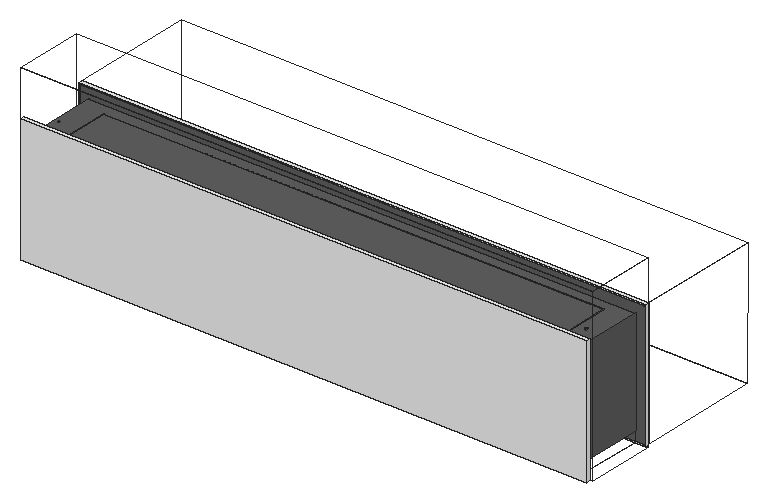
Revit family "AIRTECNICS_AIR CURTAIN_ZEN_DX-VRF_(HITACHI)123", category Mechanical Equipment, Revit 2016
Family settings
  Part Type = Normal
  Round Connector Dimension = Use Diameter
  OmniClass Number = 23.75.70.21.17
  OmniClass Title = Air Curtains
  Work Plane-Based = No
  Always vertical = Yes
  Cut with Voids When Loaded = No
  Shared = No
  Room Calculation Point = No
Parameters (values of type "ZEN ECG 2000 DX/VRF-HI")
  · POSITION · [instance] = "-/ Select Curtain Position /-"  # constant formula
  · PIPES POSITION · [instance] = "-/ Select Pipes Position /-"  # constant formula
  · OTHERS · [instance] = "-/ Select Supports - Inst.Maint. Space /-"  # constant formula
  · HEATING · [instance] = "-/ Select Heating /-"  # constant formula
  · EXTERNAL UNIT · [instance] = "-/ Select External Unit Type /-"  # constant formula
  · COIL ROWS · [instance] = "-/ Select DX Coil Rows /-"  # constant formula
  Weight [instance] = size_lookup(Name_Lookup_Data, "Weight", 1.00 kg, COD)  # 78.00 kg
  Voltage = 230 V  # constant formula
  URL_Manufacturer = "https://www.airtecnics.com/"
  URL_Datasheet = "https://www.airtecnics.com/download/file/5869/zen-dx-hitachi-1-1-and-vrf.pdf"
  Triple Phase (External Ut.) [instance] = yes
  Supports Length [instance] = 0.0 mm
  Supports (Horizontal) [instance] = if(and(Horizontal, Supports Length > 0.0 mm), 1 = 1, 1 = 0)  # no
  Single Phase (External Ut.) [instance] = not([Triple Phase (External Ut.)])  # no
  Revit Version = "Revit 2016 - English"  # constant formula
  Review Date = "10/2018"  # constant formula
  Remote Control = "-"  # constant formula
  URL = "https://www.airtecnics.com/products/heat-pump-air-curtain-zen-dx-for-hitachi"
  Refrigerant Pipes_P4 [instance] = no
  Refrigerant Pipes_P3 [instance] = no
  Refrigerant Pipes_P2 [instance] = if(or(Refrigerant Pipes_P1, Refrigerant Pipes_P3, Refrigerant Pipes_P4), 1 = 0, 1 = 1)  # yes
  Refrigerant Pipes_P1 [instance] = no
  REF [instance] = if(DX 1:1, 1, 0) + if(L = 1000.0 mm, 10, 0) + if(L = 1500.0 mm, 20, 0) + if(L = 2000.0 mm, 40, 0) + if(L = 2500.0 mm, 80, 0) + if([DX Coil Rows = 3], 100, 0) + if([Triple Phase (External Ut.)], 1000, 0)  # 1041
  Product Size = if(L = 1000.0 mm, "1000", if(L = 1500.0 mm, "1500", if(L = 2000.0 mm, "2000", "2500")))  # "2000"
  Product Reference [instance] = size_lookup(Name_Lookup_Ref, "", "Consult Manufacturer", COD)  # "ZEN ECG 2000 DX22-HI"
  Product Heating [instance] = if(DX 1:1, "Direct Expansion 1:1 system", "Direct Expansion VRF system")  # "Direct Expansion 1:1 system"
  Product Description [instance] = size_lookup(Name_Lookup_Data, "", "Consult Manufacturer", COD)  # "Decorative energy saving heat pump air curtain in contemporary architectural style: Up to 70% reduction in costs and CO2 emissions (heating mode).\r\nIts minimalist and smart design integrates in any environment and offers infinite options to customize.\r\nThe panels can include logos, lighting, signage, safety or information signs, graphics, pictures, clocks, all according to customer specifications.\r\nFront anodized aluminium panels. Optionally manufactured in brushed or mirror polished stainless steel. Other materials are possible, such as galvanized steel, smooth or texturated skinplate, wood, etc.\r\nCentral structure made of galvanized steel finished in black forge as standard. Other colours are available on request. \r\nAnodized aluminium outlet vanes, airfoil shaped, adjustable in both directions.\r\nDouble-inlet centrifugal fans driven by an external rotor motor and low noise level. 5-speed selector. EC models assembled with very low consumption efficiency fans. \r\nIncludes only heating direct expansion coil with installed temperature sensors.\r\nPlug&Play control panel CS-5DX-NE slave DX with 5 speeds selector and 7m telephone cable included.\r\nReady to connect to HITACHI Inverter outdoor heat pump unit (R410A), not included, the customer should purchase it.\r\nRequires EXV-8.0E2 HITACHI DX Interface KIT adapted for air curtain with expansion valve and  PC-ART programmable control, please consult. The client should send the complete DX kit to Airtècnics in order to adapt it and install the temperature sensors.\r\nAir Volume: 4380 m3/h \r\nFans:  0,426 kW  3,72 A 230Vx1 50/60Hz\r\nHeating capacity: 22,40 kW\r\nDimensions: 291x473x2120 mm (depth, height, length)\r\nNOT SUPPLIED BY AIRTÈCNICS:\r\nEXV-8.0E2 Interface DX kit with direct expansion valve and PC-ART programmable control.\r\nExternal unit:\r\n RAS-8HNCEExternal unit with direct expansion valve Hitachi, triple phase motor 400Vx3 50Hz.\r\nHeating capacity 22,4kW. Heating power: 5,28kW. COP 4,24.\r\nCooling capacity 20kW. Cooling power 5,95kW. EER 3,36.\r\nCooling circuits 1\" - 3/8\".\r\nMaximum length 100m.\r\nDesnivell màxim 30m."
  Power Fans Factor [instance] = 0.5  # constant formula
  Power Fans [instance] = size_lookup(Name_Lookup_Data, "Power Fans", 1 kW, COD)  # 0.426 kW
  Noise Level (dB(A)) [instance] = size_lookup(Name_Lookup_Data, "Noise Level (dB(A))", 1, COD)  # 63
  Name_Lookup_Ref_EU = "ZEN_(DX HI)_Ref-EU_Lookup"  # constant formula
  Name_Lookup_Ref = "ZEN_(DX HI)_Ref_Lookup"  # constant formula
  Name_Lookup_Data = "ZEN_(DX HI)_Data_Lookup"  # constant formula
  Model = "Air Curtain ZEN DX/VRF HI"  # constant formula
  Material Panels [instance] = AIRTECNICS_Alumium Anodized
  Material Grille = AIRTECNICS_Perforated_Black Forge
  Material Curtain [instance] = AIRTECNICS_Black Forge
  Mainfolds [instance] = if(and(L = 2500.0 mm, DX 1:1, [DX Coil Rows = 3]), "1'' & 3/8''", if(L = 2500.0 mm, "1'' & 1/2''", if(L = 2000.0 mm, "1'' & 3/8''", "5/8'' & 3/8''")))  # "1'' & 3/8''"
  Length = if(L = 1000.0 mm, 1220.0 mm, if(L = 1500.0 mm, 1620.0 mm, if(L = 2000.0 mm, 2120.0 mm, 2620.0 mm)))  # 2120.0 mm
  Height = 473.0 mm  # constant formula
  Gas Coil Volume [instance] = size_lookup(Name_Lookup_Data, "Gas Coil Volume", 1.00 L, COD)  # 4.10 L
  G = 1 = 1  # yes
  Frequency = 50 Hz  # constant formula
  Fans Stage = 5  # constant formula
  Family Version = "1.0"  # constant formula
  External Ut. Reference [instance] = size_lookup(Name_Lookup_Ref_EU, "", "Consult Manufacturer", REF)  # "RAS-8HNCE"
  Expansion Valve [instance] = "Included on DX Kit"  # constant formula
  EC = 1 = 1  # yes
  Dn_Metric_Refrig_Liquid [instance] = if(and(L = 2500 mm, DX 1:1, [DX Coil Rows = 3]), 10 mm, if(L = 2500 mm, 15 mm, if(L = 2000 mm, 10 mm, 10 mm)))  # 10 mm
  Dn_Metric_Refrig_Gas [instance] = if(and(L = 2500 mm, DX 1:1, [DX Coil Rows = 3]), 25 mm, if(L = 2500 mm, 25 mm, if(L = 2000 mm, 25 mm, 16 mm)))  # 25 mm
  Depth = 291.0 mm  # constant formula
  DX VRF [instance] = no
  DX Kit [instance] = if(or(COD = 80, COD = 180, COD = 81), "EXV-10.0E2", if(or(COD = 181, COD = 40, COD = 140, COD = 41), "EXV-8.0E2", if(or(COD = 20, COD = 21), "EXV-6.0E2", if(or(COD = 120, COD = 121), "EXV-5.0E2", if(COD = 10, "EXV-4.0E2", if(COD = 111, "EXV-3.0E2", "Consult Manufacturer"))))))  # "EXV-8.0E2"
  DX Controller [instance] = "PC-ART"  # constant formula
  DX Coil Rows = 4 [instance] = yes
  DX Coil Rows = 3 [instance] = if([DX Coil Rows = 4], 1 = 0, 1 = 1)  # no
  DX 1:1 [instance] = not(DX VRF)  # yes
  Current Fans [instance] = size_lookup(Name_Lookup_Data, "Current Fans", 1 A, COD)  # 3.72 A
  Created by = "BIMETRICAL"  # constant formula
  Control [instance] = "CS-5DX-NE"  # constant formula
  Capacity_Frig_Liquid [instance] = 0.0 L/s
  Capacity_Frig_Gas [instance] = 0.0 L/s
  Cable = "CB7"  # constant formula
  COD [instance] = if(DX 1:1, 1, 0) + if(L = 1000.0 mm, 10, 0) + if(L = 1500.0 mm, 20, 0) + if(L = 2000.0 mm, 40, 0) + if(L = 2500.0 mm, 80, 0) + if([DX Coil Rows = 3], 100, 0)  # 41
  Aspiration/Maintenance Space [instance] = yes
  Apparent Load [instance] = size_lookup(Name_Lookup_Data, "Apparent Load", 1 VA, COD)  # 852 VA
  Airflow [instance] = size_lookup(Name_Lookup_Data, "Airflow", 1 m³/h, COD)  # 4380 m³/h
  A [instance] = if(Horizontal, 236.5 mm, 0.0 mm)  # 236.5 mm
  L = 2000.0 mm
  Type Image = <None>
  IfcExportType = "DXCOOLINGCOIL"  # constant formula
  IfcExportAs = "IfcCoilType"  # constant formula
  Horizontal [instance] = 1 = 1  # yes
  Manufacturer = "AIRTECNICS"  # constant formula
  Description = ""
  Type Comments = "Decorative air curtain in contemporary architectural style. Its minimalist and smart design integrates in any environment and offers infinite options to customize.\r\nThe panels can include logos, lighting, signage, safety or information signs, graphics, pictures, clocks, all according to customer specifications.\r\nFront anodized aluminium panels. Optionally manufactured in brushed or mirror polished stainless steel. Other materials are possible, such as galvanized steel, smooth or texturated skinplate, wood, etc.\r\nCentral structure made of galvanized steel finished in black forge as standard. Other colours are available on request.\r\nAnodized aluminium outlet vanes, airfoil shaped, adjustable in both directions.\r\nDouble-inlet centrifugal fans driven by an external rotor motor and low noise level. 5-speed selector. EC models assembled with very low consumption efficiency fans.\r\n“P” type with water heated coil. “E” type with electrical shielded elements, three stages with integrated regulation. “A” type without heating, air only. Optional expansion DX coil.\r\nIncludes Plug&Play control with 7m RJ45 cable and infrared remote control. Optional: Clever control (programmable, automatic, intelligent, energy saving, Modbus RTU for BMS…)"  # constant formula
  BIMETRICAL Category = "Coil"  # constant formula
  BIMETRICAL = "http://www.bimetrical.com"  # constant formula
  Angle [instance] = if(Horizontal, 0.00°, 90.00°)  # 0.00°
Reference planes
  plane 1 "Centro (Frontal/Posterior)": z = 0
  plane 2: y = 246.57
  plane 3 "Centro (Izquierda/Derecha)": x = 0
  plane 4 "Susp": z = 236.5
Lines and regions (mm)
  reference lines
    curve 1: line (0, 246.57, 236.5) -> (-145, 246.57, 236.5)
Dimensions and locks
  locked: plane 2 to nested 1 at 145.5
  "A": plane 4 "Susp" to plane 1 "Centro (Frontal/Posterior)"
  "Angle": angle plane 4 "Susp" to curve 1
  aligned and locked: plane 3 "Centro (Izquierda/Derecha)" to curve 1
  aligned and locked: plane 4 "Susp" to curve 1
Nested families
  nested 1: "GEOM_ZEN_(DX)" at (0, 246.57, 236.5) x (0, 0, -1) z (1, 0, 0), type "GEOM_ZEN_(P)"
    with M 2066.5 mm, J 1014.0 mm, G 1022.0 mm, Dn_Metric_Refrig_Liquid 10 mm, Dn_Metric_Refrig_Gas 25 mm, COD 424, L 2000.0 mm, I 2044.0 mm, F 1990.0 mm, E 2120.0 mm, A 2015.0 mm
Connectors
  electrical at (-1007.5, 215.07, 433), driven by "Apparent Load", driven by "Voltage", driven by "Power Fans Factor", driven by "Apparent Load"
    settings: on nested 1, index 3, voltage 230 V, apparent load 852 VA, apparent load phase1 852 VA, apparent load phase2 0 VA, apparent load phase3 0 VA, power factor 0.5, load classification "HVAC", number of poles 1, system type 30, power factor state 1, is connector primary yes, connector utility no, sub classification motor no, connector description ""
  piping at (967, 155.07, 433), diameter 25, driven by "Dn_Metric_Refrig_Gas", driven by "Capacity_Frig_Gas"
    settings: on nested 1, index 4, connector inside diameter 609.6 mm, connector length 0.0 mm, flow factor 0, pipe flow 0.0 L/s, pressure drop 0.0 Pa, fitting loss kfactor 0, connector angle 0.00°, fixture units 0, engagement length 0.0 mm, angle of deflection 0.00°, flow configuration 1, flow direction 1, fitting loss method 0, system type 7, joint type 0, gender type 0, connector reference index -1, connector utility 0, adjustable connector no, is connector primary yes, connector description "In"
  piping at (967, 215.07, 433), diameter 10, driven by "Dn_Metric_Refrig_Liquid", driven by "Capacity_Frig_Liquid"
    settings: on nested 1, index 5, connector inside diameter 609.6 mm, connector length 0.0 mm, flow factor 0, pipe flow 0.0 L/s, pressure drop 0.0 Pa, fitting loss kfactor 0, connector angle 0.00°, fixture units 0, engagement length 0.0 mm, angle of deflection 0.00°, flow configuration 1, flow direction 2, fitting loss method 0, system type 8, joint type 0, gender type 0, connector reference index -1, connector utility 0, adjustable connector no, is connector primary no, connector description "Out"
Definition of nested family "GEOM_ZEN_(DX)"
  Parameters (values of type "GEOM_ZEN_(DX)")
    des.D = if(or(and(Vertical Right, V1), Horizontal), 361.0 mm, 0.0 mm)  # 361.0 mm
    des.C = if(or(and(Vertical Right, V1), Horizontal), 0.0 mm, 392.0 mm)  # 0.0 mm
    des.B = if(or(and(Vertical Right, V1), Horizontal), 0.0 mm, 298.3 mm)  # 0.0 mm
    Z = if(Horizontal, 0.0 mm, if(L = 1000.0 mm, E / 2 + 18.0 mm, E / 2 + 20.0 mm))  # 830.0 mm
    Vsup1 = if(and(Vsup, Horizontal, L_Sup > 0.0 mm), 1 = 1, 1 = 0)  # no
    Vsup = no
    Vs2 = if(L > 2000.0 mm, 1 = 1, 1 = 0)  # no
    Vs1 = if(L > 1000.0 mm, 1 = 1, 1 = 0)  # yes
    Vinst2 = if(or(Vinst1, not([Aspiration/Maintenance Space])), 1 = 0, 1 = 1)  # yes
    Vinst1 = if(and([Aspiration/Maintenance Space], V2), 1 = 1, 1 = 0)  # no
    Vertical Right = yes
    Vertical Left = if(Vertical Right, 1 = 0, 1 = 1)  # no
    Vertical = if(and(not(Horizontal), or(Vertical Right, Vertical Left)), 1 = 1, 1 = 0)  # yes
    V2 = if(Horizontal, 1 = 0, if(or(Horizontal, Vertical Left), 1 = 1, 1 = 0))  # no
    V1 = if(Horizontal, 1 = 1, if(and(Vertical Right, Vertical), 1 = 1, 1 = 0))  # yes
    Revit Version = "Revit 2016 - English"  # constant formula
    Review Date = "10/18"  # constant formula
    Refrigerant Pipes_P4 = no
    Refrigerant Pipes_P3 = no
    Refrigerant Pipes_P2 = yes
    Refrigerant Pipes_P1 = no
    O = if(L = 1000.0 mm, 54.5 mm, 52.5 mm)  # 52.5 mm
    Model = "ZEN DX"  # constant formula
    Material Perforated = none
    Material Panels = none
    Material Curtain = none
    Family Version = "2.0"  # constant formula
    Manufacturer = "AIRTECNICS"  # constant formula
    M = if(L = 1000.0 mm, L + 162.5 mm, L + 66.5 mm)  # 1566.5 mm
    Lookup_Dimensions.C2_Name = "C2_Dimensions_Lookup"  # constant formula
    Lookup_Dimensions.C1_Name = "C1_Dimensions_Lookup"  # constant formula
    L_Sup = 0.0 mm
    K = if(L = 2500.0 mm, 833.0 mm, 0.0 mm)  # 0.0 mm
    J = if(L = 1500.0 mm, 764.0 mm, if(L = 2000.0 mm, 1014.0 mm, if(L = 2500.0 mm, 847.0 mm, 573.5 mm)))  # 764.0 mm
    H = des.A + 51.0 mm  # 428.5 mm
    G = if(Vertical, I + 58.0 mm, F / 2 + 27.0 mm)  # 1602.0 mm
    Dn_Metric_Refrig_Liquid = 20 mm
    Dn_Metric_Refrig_Gas = 20 mm
    Created by = "BIMETRICAL"  # constant formula
    COD = if(and(Vertical Right, Vertical), 1, 0) + if(and(Vertical Left, Vertical), 2, 0) + if(Horizontal, 4, 0) + if(Refrigerant Pipes_P1, 10, 0) + if(Refrigerant Pipes_P2, 20, 0) + if(Refrigerant Pipes_P3, 40, 0) + if(Refrigerant Pipes_P4, 80, 0) + if(L = 1000.0 mm, 100, 0) + if(L = 1500.0 mm, 200, 0) + if(L = 2000.0 mm, 400, 0) + if(L = 2500.0 mm, 800, 0)  # 221
    C2_D = size_lookup(Lookup_Dimensions.C2_Name, "C2_D", 98.0 mm, COD)  # 98.0 mm
    C2_C = size_lookup(Lookup_Dimensions.C2_Name, "C2_C", 34.5 mm, COD)  # 34.5 mm
    C2_B = size_lookup(Lookup_Dimensions.C2_Name, "C2_B", 34.5 mm, COD)  # 34.5 mm
    C2_A = size_lookup(Lookup_Dimensions.C2_Name, "C2_A", 55.0 mm, COD)  # 55.0 mm
    C1_D = size_lookup(Lookup_Dimensions.C1_Name, "C1_D", 38.0 mm, COD)  # 38.0 mm
    C1_C = size_lookup(Lookup_Dimensions.C1_Name, "C1_C", 34.5 mm, COD)  # 34.5 mm
    C1_B = size_lookup(Lookup_Dimensions.C1_Name, "C1_B", 34.5 mm, COD)  # 34.5 mm
    C1_A = size_lookup(Lookup_Dimensions.C1_Name, "C1_A", 55.0 mm, COD)  # 55.0 mm
    L = 1500.0 mm
    des.A = if(or(and(Vertical Right, V1), Horizontal), 377.5 mm, 0.0 mm)  # 377.5 mm
    I = if(L = 1000.0 mm, L + 140.0 mm, L + 44.0 mm)  # 1544.0 mm
    Horizontal = no
    F = I - 54.0 mm  # 1490.0 mm
    E = if(L = 1000.0 mm, L + 220.0 mm, L + 120.0 mm)  # 1620.0 mm
    Default Elevation = 1219.2 mm
    BIMETRICAL = "http://www.bimetrical.com/"  # constant formula
    Aspiration/Maintenance Space = yes
    A.Conn_S = if(or(and(Vertical Right, V1), Horizontal), 180.00°, 0.00°)  # 180.00°
    A.Conn_E = if(or(and(Vertical Right, V1), Horizontal), 180.00°, 0.00°)  # 180.00°
    A.Conn_2 = size_lookup(Lookup_Dimensions.C2_Name, "A.Conn_2", 0.00°, COD)  # 0.00°
    A.Conn_1 = size_lookup(Lookup_Dimensions.C1_Name, "A.Conn_1", 0.00°, COD)  # 0.00°
    A = if(L = 1000.0 mm, L + 115.0 mm, L + 15.0 mm)  # 1515.0 mm
  Types (2, lengths in mm): name | Z | Vertical Right | Vertical Left | Vertical | G | COD | Horizontal
    GEOM_ZEN_(DX) | 830.0 | yes | no | yes | 1602.0 | 221 | no
    GEOM_ZEN_(P) | 0.0 | no | yes | no | 772.0 | 224 | yes
  Reference planes
    plane 1 "Centro (Frontal/Posterior)": y = 0
    plane 2: z = 0
    plane 3 "Centro (Izquierda/Derecha)": x = 0
    plane 4: z = 830
    plane 5: y = -73.25
    plane 6: x = -196.5
    plane 7: z = 1547
    plane 8 "TUBERIA 1": y = -91.5
    plane 9: z = 1602
    plane 10 "TUBERIA 2": x = -162
    plane 11: x = -196.5
    plane 12: y = -129.5
    plane 13: x = 181
    plane 14: x = 196.495
    plane 15: x = -162
    plane 16: z = 1547
    plane 17: y = -31.5
    plane 18: z = 2639.027
    plane 19: z = 20
    plane 20: z = 1639
    plane 21: z = 838
    plane 22: z = 838
    plane 23: z = 72.5
    plane 24: y = -31.5
    plane 25: y = -91.5
  Forms (mm)
    Extrusion 1, solid
      sketch origin (0, 0, 0) x (1, 0, 0) y (0, 1, 0)
        loop
          line (-1219.2, 1219.2) -> (-1219.2, -1219.2) -> (1219.2, -1219.2) -> (1219.2, 1219.2) -> (-1219.2, 1219.2)
      from 0 to -304.8
    Extrusion 2, solid, material <- "Material Panels"
      sketch origin (0, 0, 889.252) x (0, -1, 0) y (1, 0, 0)
        loop
          line (-145.5, 236.5) -> (-145.5, -236.5) -> (-129.5, -236.5) -> (-129.5, 236.5) -> (-145.5, 236.5)
        loop
          line (145.5, 236.5) -> (129.5, 236.5) -> (129.5, -236.5) -> (145.5, -236.5) -> (145.5, 236.5)
      from -869.252 to 750.748
    Extrusion 3, solid, material <- "Material Curtain"
      sketch origin (0, 0, 889.252) x (0, -1, 0) y (0, 0, 1)
        loop
          line (-129.5, 712.748) -> (-129.5, -831.252) -> (129.5, -831.252) -> (129.5, 712.748) -> (-129.5, 712.748)
      from -196.5 to 196.5
    Extrusion 4, void, detail levels medium+fine
      sketch origin (-64.7, -73.5, 0) x (1, 0, 0) y (0, 1, 0)
        loop
          line (261.195, -34.75) -> (261.195, 35.25) -> (245.7, 35.25) -> (245.7, -34.75) -> (261.195, -34.75)
      from 85 to 1575
    Extrusion 5, solid, visible <- "V1", detail levels medium+fine
      sketch origin (0, 0, 1310) x (0, -1, 0) y (-1, 0, 0)
        loop
          line (58.464, -173.27) -> (61.756, -192)
          arc (61.756, -192) -> (63.451, -193.452) -> (65.121, -191.97) r 1.698
          line (65.121, -191.97) -> (68.095, -172.627)
          arc (68.095, -172.627) -> (62.951, -168.018) -> (58.464, -173.27) r 4.828
        loop
          line (78.553, -172.822) -> (81.504, -192.726)
          arc (81.504, -192.726) -> (83.138, -193.439) -> (84.08, -191.926) r 1.363
          line (84.08, -191.926) -> (87.529, -172.626)
          arc (87.529, -172.626) -> (82.938, -168.001) -> (78.553, -172.822) r 4.495
      from -265 to 1225
    Extrusion 6, solid, visible <- "V2", detail levels medium+fine
      sketch origin (0, 0, 1310) x (0, 1, 0) y (1, 0, 0)
        loop
          arc (-58.774, -173.603) -> (-59.776, -170.312) -> (-62.811, -168.693) r 4.495
          line (-62.811, -168.693) -> (-63.684, -168.693)
          arc (-63.684, -168.693) -> (-66.482, -170.045) -> (-67.734, -172.889) r 4.495
          line (-67.734, -172.889) -> (-64.759, -192.231)
          arc (-64.759, -192.231) -> (-63.451, -193.452) -> (-62.062, -192.325) r 1.363
          line (-62.062, -192.325) -> (-58.774, -173.603)
        loop
          arc (-84.395, -192.262) -> (-83.058, -193.451) -> (-81.696, -192.291) r 1.363
          line (-81.696, -192.291) -> (-78.88, -173.603)
          arc (-78.88, -173.603) -> (-79.882, -170.312) -> (-82.917, -168.693) r 4.495
          line (-82.917, -168.693) -> (-83.79, -168.693)
          arc (-83.79, -168.693) -> (-86.614, -170.073) -> (-87.844, -172.966) r 4.495
          line (-87.844, -172.966) -> (-84.395, -192.262)
      from -265 to 1225
    Extrusion 7, solid, material <- "Material Curtain", visible <- "Vertical"
      sketch origin (-779.074, -4572, 1549) x (-1, 0, 0) y (0, -1, 0)
        loop
          line (-586.574, -4698.5) -> (-586.574, -4445.5) -> (-971.574, -4445.5) -> (-971.574, -4698.5) -> (-586.574, -4698.5)
      from -1491 to -1549
    Extrusion 8, void
      sketch origin (0, 0, 0) x (1, 0, 0) y (0, 1, 0)
        loop
          line (-235.5, -129.5) -> (-235.5, -130.5) -> (235.5, -130.5) -> (235.5, -129.5) -> (-235.5, -129.5)
        loop
          line (-235.5, 129.5) -> (235.5, 129.5) -> (235.5, 130.5) -> (-235.5, 130.5) -> (-235.5, 129.5)
      from 21.044 to 1639.012
    Extrusion 9, void, detail levels medium+fine
      sketch origin (0, -0.321, 0) x (0, 1, 0) y (0, 0, 1)
        loop
          line (-102.318, 1514.4) -> (-102.318, 145.6) -> (90.521, 145.6) -> (90.521, 1514.4) -> (-102.318, 1514.4)
      from -101.8 to -196.5
    Extrusion 10, solid, material <- "Material Perforated"
      sketch origin (-60, 0, 0) x (0, 1, 0) y (0, 0, 1)
        loop
          line (-102.639, 1514.4) -> (-102.639, 145.6) -> (90.2, 145.6) -> (90.2, 1514.4) -> (-102.639, 1514.4)
      from -136.5 to -135.5
    Extrusion 11, solid, detail levels medium+fine
      sketch origin (-64.7, -73.5, 1575) x (0, 1, 0) y (1, 0, 0)
        loop
          line (16.25, 261.2) -> (-15.75, 261.2) -> (-15.75, 229.2) -> (16.25, 229.2) -> (16.25, 261.2)
      from 0 to 3
    Extrusion 12, solid, detail levels medium+fine
      sketch origin (-64.7, -73.5, 85) x (1, 0, 0) y (0, 1, 0)
        loop
          line (229.2, 16.25) -> (229.2, -15.75) -> (261.2, -15.75) -> (261.2, 16.25) -> (229.2, 16.25)
      from 0 to 3
    Extrusion 13, solid, visible <- "Vs1", detail levels medium+fine
      sketch origin (0, -702.852, 838) x (0, -1, 0) y (1, 0, 0)
        loop
          line (-645.602, 164.5) -> (-613.602, 164.5) -> (-613.602, 196.5) -> (-645.602, 196.5) -> (-645.602, 164.5)
      from 0 to -3
    Extrusion 14, solid, material <- "Material Curtain", visible <- "Vs1", detail levels medium+fine
      sketch origin (0, -702.852, 835) x (1, 0, 0) y (0, -1, 0)
        loop
          line (196.5, -664.602) -> (196.5, -594.602) -> (164.5, -594.602) -> (164.5, -664.602) -> (196.5, -664.602)
      from 0 to 10
    Extrusion 15, solid, visible <- "Vs1", detail levels medium+fine
      sketch origin (0, -702.852, 825) x (0, 1, 0) y (1, 0, 0)
        loop
          line (645.602, 164.5) -> (645.602, 196.5) -> (613.602, 196.5) -> (613.602, 164.5) -> (645.602, 164.5)
      from 0 to 3
    Extrusion 16, solid, visible <- "Vs2", detail levels medium+fine
      sketch origin (0, -702.852, 838) x (0, -1, 0) y (1, 0, 0)
        loop
          line (-645.602, 164.5) -> (-613.602, 164.5) -> (-613.602, 196.5) -> (-645.602, 196.5) -> (-645.602, 164.5)
      from 0 to -3
    Extrusion 17, solid, material <- "Material Curtain", visible <- "Vs2", detail levels medium+fine
      sketch origin (0, -702.852, 835) x (1, 0, 0) y (0, -1, 0)
        loop
          line (164.5, -664.602) -> (196.5, -664.602) -> (196.5, -594.602) -> (164.5, -594.602) -> (164.5, -664.602)
      from 0 to 10
    Extrusion 18, solid, visible <- "Vs2", detail levels medium+fine
      sketch origin (0, -702.852, 825) x (0, 1, 0) y (1, 0, 0)
        loop
          line (645.602, 164.5) -> (645.602, 196.5) -> (613.602, 196.5) -> (613.602, 164.5) -> (645.602, 164.5)
      from 0 to 3
    Extrusion 19, solid, material <- "Material Curtain"
      sketch origin (-196.5, -31.5, 72.5) x (0, 0, 1) y (0, 1, 0)
        loop
          line (2.5, -2.5) -> (2.5, 2.5) -> (-2.5, 2.5) -> (-2.5, -2.5) -> (2.5, -2.5)
      from 0 to -1
    Extrusion 20, solid, visible <- "Vsup1"
      sketch origin (-196.5, -101, 1255.5) x (0, 0, 1) y (0, 1, 0)
        loop
          circle (332, 202) r 4
        loop
          circle (332, 0) r 4
        loop
          circle (-1183, 0) r 4
        loop
          circle (-1183, 202) r 4
      from -1 to 0
    Extrusion 21, solid, visible <- "Vinst2"
      sketch origin (0, -31.5, 92.379) x (0, 0, 1) y (1, 0, 0)
        loop
          line (1509.621, 236.5) -> (1509.621, -196.5) -> (-34.379, -196.5) -> (-34.379, 236.5) -> (-82.379, 236.5) -> (-82.379, -398.063) -> (1557.621, -398.063) -> (1557.621, 236.5) -> (1509.621, 236.5)
      from -98 to 161
    Extrusion 22, solid, visible <- "Vinst1"
      sketch origin (0, -31.5, 92.379) x (0, 0, 1) y (1, 0, 0)
        loop
          line (1509.621, -236.5) -> (1557.621, -236.5) -> (1557.621, 398.063) -> (-82.379, 398.063) -> (-82.379, -236.5) -> (-34.379, -236.5) -> (-34.379, 196.5) -> (1509.621, 196.5) -> (1509.621, -236.5)
      from -98 to 161
    Extrusion 23, solid, visible <- "Aspiration/Maintenance Space"
      sketch origin (0, 0, 1640) x (0, -1, 0) y (1, 0, 0)
        loop
          line (-129.5, 236.5) -> (-609.5, 236.5) -> (-609.5, -236.5) -> (-129.5, -236.5) -> (-129.5, 236.5)
      from 0 to -1620
    Extrusion 24, solid, material <- "Material Curtain"
      sketch origin (-196.5, -31.5, 1547) x (0, 1, 0) y (0, 0, -1)
        loop
          circle (0, 0) r 10
      from 0 to -1
    Extrusion 25, solid, material <- "Material Curtain"
      sketch origin (-196.5, -91.5, 1547) x (0, 1, 0) y (0, 0, -1)
        loop
          circle (0, 0) r 10
      from 0 to -1
    Extrusion 26, solid, material <- "Material Curtain"
      sketch origin (0, 0, 1639.012) x (0, 1, 0) y (1, 0, 0)
        loop
          line (130.5, 235.5) -> (129.5, 235.5) -> (129.5, -235.5) -> (130.5, -235.5) -> (130.5, 235.5)
        loop
          line (-129.5, 235.5) -> (-130.5, 235.5) -> (-130.5, -235.5) -> (-129.5, -235.5) -> (-129.5, 235.5)
      from 0 to 1617.967
  Cuts and joins
    Extrusion 4, Extrusion 8 cuts Extrusion 2
    Extrusion 4, Extrusion 9 cuts Extrusion 3
  Lines and regions (mm)
    reference lines
      curve 1: line (-162, -31.5, 1547) -> (-196.5, -31.5, 1547)
      curve 2: line (-196.5, -31.5, 72.5) -> (0, -31.5, 72.5)
      curve 3: line (-196.5, -101, 1255.5) -> (0, -101, 1255.5)
      curve 83: line (-162, -91.5, 1547) -> (-196.5, -91.5, 1547)
    symbolic lines
      curve 4: line (-236.5, 145.5, 1255.5) -> (236.5, 145.5, 1255.5)
      curve 5: line (-236.5, 129.5, 1255.5) -> (-236.5, 145.5, 1255.5)
      curve 6: line (236.5, 129.5, 1255.5) -> (-236.5, 129.5, 1255.5)
      curve 7: line (236.5, 145.5, 1255.5) -> (236.5, 129.5, 1255.5)
      curve 8: line (-196.5, 129.5, 1255.5) -> (196.5, 129.5, 1255.5)
      curve 9: line (-196.5, -129.5, 1255.5) -> (-196.5, 129.5, 1255.5)
      curve 10: line (196.5, -129.5, 1255.5) -> (-196.5, -129.5, 1255.5)
      curve 11: line (196.5, 129.5, 1255.5) -> (196.5, -129.5, 1255.5)
      curve 12: line (-236.5, -145.5, 1255.5) -> (236.5, -145.5, 1255.5)
      curve 13: line (-236.5, -129.5, 1255.5) -> (-236.5, -145.5, 1255.5)
      curve 14: line (236.5, -129.5, 1255.5) -> (-236.5, -129.5, 1255.5)
      curve 15: line (236.5, -145.5, 1255.5) -> (236.5, -129.5, 1255.5)
      curve 16: line (0, 145.5, 1640) -> (0, 129.5, 1640)
      curve 17: line (0, 145.5, 20) -> (0, 145.5, 1640)
      curve 18: line (0, 129.5, 20) -> (0, 145.5, 20)
      curve 19: line (0, 129.5, 1640) -> (0, 129.5, 20)
      curve 20: line (0, -145.5, 1640) -> (0, -129.5, 1640)
      curve 21: line (0, -145.5, 20) -> (0, -145.5, 1640)
      curve 22: line (0, -129.5, 20) -> (0, -145.5, 20)
      curve 23: line (0, -129.5, 1640) -> (0, -129.5, 20)
      curve 24: line (0, -129.5, 1602) -> (0, 129.5, 1602)
      curve 25: line (0, -129.5, 58) -> (0, -129.5, 1602)
      curve 26: line (0, 129.5, 58) -> (0, -129.5, 58)
      curve 27: line (0, 129.5, 1602) -> (0, 129.5, 58)
      curve 70: line (0, -58.444, 1575) -> (0, -68.095, 1575)
      curve 71: line (0, -58.444, 85) -> (0, -58.444, 1575)
      curve 72: line (0, -68.095, 85) -> (0, -58.444, 85)
      curve 73: line (0, -68.095, 1575) -> (0, -68.095, 85)
      curve 74: line (0, -78.541, 1575) -> (0, -87.838, 1575)
      curve 75: line (0, -78.541, 85) -> (0, -78.541, 1575)
      curve 76: line (0, -87.838, 85) -> (0, -78.541, 85)
      curve 77: line (0, -87.838, 1575) -> (0, -87.838, 85)
    symbolic lines, visible <- "Vertical"
      curve 28: line (0, 126.5, 0) -> (0, -126.5, 0)
      curve 29: line (0, 126.5, 58) -> (0, 126.5, 0)
      curve 30: line (0, -126.5, 58) -> (0, 126.5, 58)
      curve 31: line (0, -126.5, 0) -> (0, -126.5, 58)
    symbolic lines, visible <- "Aspiration/Maintenance Space"
      curve 32: line (-236.5, 129.5, 1255.5) -> (236.5, 129.5, 1255.5)
      curve 33: line (-236.5, 609.5, 1255.5) -> (-236.5, 129.5, 1255.5)
      curve 34: line (236.5, 609.5, 1255.5) -> (-236.5, 609.5, 1255.5)
      curve 35: line (236.5, 129.5, 1255.5) -> (236.5, 609.5, 1255.5)
      curve 44: line (0, 129.5, 1640) -> (0, 609.5, 1640)
      curve 45: line (0, 129.5, 20) -> (0, 129.5, 1640)
      curve 46: line (0, 609.5, 20) -> (0, 129.5, 20)
      curve 47: line (0, 609.5, 1640) -> (0, 609.5, 20)
    symbolic lines, visible <- "Vinst1"
      curve 36: line (196.5, 129.5, 1255.5) -> (398.063, 129.5, 1255.5)
      curve 37: line (196.5, -129.5, 1255.5) -> (196.5, 129.5, 1255.5)
      curve 38: line (398.063, -129.5, 1255.5) -> (196.5, -129.5, 1255.5)
      curve 39: line (398.063, 129.5, 1255.5) -> (398.063, -129.5, 1255.5)
      curve 48: line (-236.5, -31.5, 1650) -> (398.063, -31.5, 1650)
      curve 49: line (398.063, -31.5, 1650) -> (398.063, -31.5, 10)
      curve 50: line (398.063, -31.5, 10) -> (-236.5, -31.5, 10)
      curve 84: line (-236.5, -91.5, 1640) -> (-236.5, -91.5, 1650)
      curve 85: line (-236.5, -91.5, 10) -> (-236.5, -91.5, 20)
    symbolic lines, visible <- "Vinst2"
      curve 40: line (-398.063, 129.5, 1255.5) -> (-196.5, 129.5, 1255.5)
      curve 41: line (-398.063, -129.5, 1255.5) -> (-398.063, 129.5, 1255.5)
      curve 42: line (-196.5, -129.5, 1255.5) -> (-398.063, -129.5, 1255.5)
      curve 43: line (-196.5, 129.5, 1255.5) -> (-196.5, -129.5, 1255.5)
      curve 51: line (236.5, -31.5, 10) -> (-398.063, -31.5, 10)
      curve 52: line (-398.063, -31.5, 10) -> (-398.063, -31.5, 1650)
      curve 53: line (-398.063, -31.5, 1650) -> (236.5, -31.5, 1650)
      curve 78: line (236.5, -31.5, 10) -> (236.5, -31.5, 20)
      curve 86: line (236.5, -91.5, 2650) -> (236.5, -91.5, 2642)
      curve 87: line (236.5, -91.5, 1640) -> (236.5, -91.5, 1650)
    symbolic lines, visible <- "V2"
      curve 54: arc (-173.603, -58.774, 1255.5) -> (-168.686, -62.891, 1255.5) -> (-172.889, -67.734, 1255.5) r 4.495
      curve 55: arc (-192.231, -64.759, 1255.5) -> (-193.452, -63.451, 1255.5) -> (-192.325, -62.062, 1255.5) r 1.363
      curve 56: arc (-173.494, -78.864, 1255.5) -> (-168.679, -83.098, 1255.5) -> (-172.998, -87.838, 1255.5) r 4.495
      curve 57: arc (-192.262, -84.395, 1255.5) -> (-193.451, -83.058, 1255.5) -> (-192.291, -81.696, 1255.5) r 1.363
      curve 58: line (-172.889, -67.734, 1255.5) -> (-192.231, -64.759, 1255.5)
      curve 59: line (-192.325, -62.062, 1255.5) -> (-173.603, -58.774, 1255.5)
      curve 60: line (-172.998, -87.838, 1255.5) -> (-192.262, -84.395, 1255.5)
      curve 61: line (-192.291, -81.696, 1255.5) -> (-173.494, -78.864, 1255.5)
    symbolic lines, visible <- "V1"
      curve 62: arc (173.27, -58.464, 1255.5) -> (168.018, -62.951, 1255.5) -> (172.627, -68.095, 1255.5) r 4.828
      curve 63: arc (191.97, -65.121, 1255.5) -> (193.452, -63.451, 1255.5) -> (192, -61.756, 1255.5) r 1.698
      curve 64: arc (172.822, -78.553, 1255.5) -> (168.001, -82.938, 1255.5) -> (172.626, -87.529, 1255.5) r 4.495
      curve 65: arc (191.926, -84.08, 1255.5) -> (193.439, -83.138, 1255.5) -> (192.726, -81.504, 1255.5) r 1.363
      curve 66: line (172.627, -68.095, 1255.5) -> (191.97, -65.121, 1255.5)
      curve 67: line (192, -61.756, 1255.5) -> (173.27, -58.464, 1255.5)
      curve 68: line (172.626, -87.529, 1255.5) -> (191.926, -84.08, 1255.5)
      curve 69: line (192.726, -81.504, 1255.5) -> (172.822, -78.553, 1255.5)
    symbolic lines, visible <- "Vsup1"
      curve 79: circle (0, 101, 1587.5) r 4 normal (1, 0, 0)
      curve 80: circle (0, -101, 1587.5) r 4 normal (1, 0, 0)
      curve 81: circle (0, 101, 72.5) r 4 normal (1, 0, 0)
      curve 82: circle (0, -101, 72.5) r 4 normal (1, 0, 0)
  Dimensions and locks
    Extrusion 2 sketch curve to Extrusion 2 sketch curve = 473.0 mm  (x2)
    Extrusion 3 sketch curve to Extrusion 3 sketch curve = 1544.0 mm
    locked: Extrusion 3 to Extrusion 3 at 393
    "E": Extrusion 2 to Extrusion 2
    equal spacing: Extrusion 2, plane 4, Extrusion 2
    equal spacing: Extrusion 3, plane 4, Extrusion 3
    "I": Extrusion 3 to Extrusion 3
    locked: Extrusion 2 to Extrusion 2 at 473
    locked: Extrusion 2 to Extrusion 2 at 16  (x2)
    locked: Extrusion 2 to Extrusion 2 at 291
    "Z": plane 4 to level
    equal spacing: Extrusion 2, plane 3 "Centro (Izquierda/Derecha)", Extrusion 2
    equal spacing: Extrusion 3, plane 3 "Centro (Izquierda/Derecha)", Extrusion 3
    equal spacing: Extrusion 2, plane 1 "Centro (Frontal/Posterior)", Extrusion 2
    locked: plane 1 "Centro (Frontal/Posterior)" to plane 5 at 73.25
    equal spacing: Extrusion 6, plane 4, Extrusion 6
    "F": Extrusion 6 to Extrusion 6
    "C1_A": plane 9 to plane 7
    locked: plane 3 "Centro (Izquierda/Derecha)" to plane 11 at 196.5
    "C1_B": plane 11 to plane 10 "TUBERIA 2"
    locked: plane 1 "Centro (Frontal/Posterior)" to plane 12 at 129.5
    "G": plane 9 to level
    locked: plane 13 to plane 14 at 15.495
    locked: Extrusion 4 sketch curve to Extrusion 4 sketch curve at 70
    equal spacing: Extrusion 4 sketch curve, plane 5, Extrusion 4 sketch curve
    locked: Extrusion 7 to Extrusion 7 at 58
    locked: plane 11 to Extrusion 5 sketch curve at 364.507
    locked: plane 11 to Extrusion 5 sketch curve at 364.5
    locked: plane 11 to Extrusion 5 sketch curve at 389.952
    locked: plane 11 to Extrusion 5 sketch curve at 390
    "C2_B": plane 11 to plane 15
    "C2_A": plane 9 to plane 16
    "C2_D": plane 17 to plane 12
    "C2_C": curve 1 to curve 1
    locked: cut or joined group of Extrusion 2, Extrusion 4, Extrusion 8 to Extrusion 8 sketch curve at 1
    locked: Extrusion 8 sketch curve to cut or joined group of Extrusion 2, Extrusion 4, Extrusion 8 at 1
    plane 18 to cut or joined group of Extrusion 2, Extrusion 4, Extrusion 8 = 999.027 mm
    equal spacing: Extrusion 7, plane 1 "Centro (Frontal/Posterior)", Extrusion 7
    locked: Extrusion 7 to Extrusion 7 at 253
    equal spacing: Extrusion 7, plane 3 "Centro (Izquierda/Derecha)", Extrusion 7
    locked: Extrusion 7 to Extrusion 7 at 385
    locked: Extrusion 9 sketch curve to plane 9 at 87.6
    locked: Extrusion 9 sketch curve to cut or joined group of Extrusion 3, Extrusion 4, Extrusion 9 at 87.6
    locked: Extrusion 9 to Extrusion 9 at 94.7
    "des.B": plane 11 to Extrusion 9
    locked: Extrusion 10 to Extrusion 10 at 1
    "des.C": plane 11 to Extrusion 10
    locked: plane 9 to plane 20 at 37
    locked: cut or joined group of Extrusion 3, Extrusion 4, Extrusion 9 to plane 1 "Centro (Frontal/Posterior)" at 90.2
    locked: cut or joined group of Extrusion 3, Extrusion 4, Extrusion 9 to plane 1 "Centro (Frontal/Posterior)" at 102.639
    locked: Extrusion 11 sketch curve to Extrusion 11 sketch curve at 32  (x2)
    locked: Extrusion 11 sketch curve to plane 5 at 16
    locked: Extrusion 11 to cut or joined group of Extrusion 3, Extrusion 4, Extrusion 9 at 3
    locked: Extrusion 12 sketch curve to Extrusion 12 sketch curve at 32  (x2)
    locked: plane 5 to Extrusion 12 sketch curve at 16
    locked: cut or joined group of Extrusion 3, Extrusion 4, Extrusion 9 to Extrusion 12 at 3
    "des.D": cut or joined group of Extrusion 3, Extrusion 4, Extrusion 9 to Extrusion 11 sketch curve
    "des.D": plane 11 to Extrusion 12 sketch curve
    plane 9 to plane 4 to cut or joined group of Extrusion 3, Extrusion 4, Extrusion 9 = 772.0 mm, 772.0 mm
    "J": plane 9 to plane 21
    locked: Extrusion 13 sketch curve to Extrusion 13 sketch curve at 32  (x2)
    locked: plane 5 to Extrusion 13 sketch curve at 16
    locked: Extrusion 13 to plane 21 at 3
    "des.D": plane 11 to Extrusion 13 sketch curve
    locked: Extrusion 14 sketch curve to Extrusion 14 sketch curve at 32
    locked: Extrusion 14 sketch curve to plane 5 at 35
    locked: Extrusion 14 sketch curve to Extrusion 14 sketch curve at 70
    locked: Extrusion 14 to Extrusion 14 at 10
    locked: Extrusion 15 sketch curve to Extrusion 15 sketch curve at 32  (x2)
    locked: Extrusion 15 sketch curve to plane 5 at 16
    locked: Extrusion 15 to Extrusion 14 at 3
    locked: Extrusion 16 sketch curve to Extrusion 16 sketch curve at 32  (x2)
    locked: plane 5 to Extrusion 16 sketch curve at 16
    "des.D": plane 11 to Extrusion 16 sketch curve
    locked: Extrusion 16 to plane 22 at 3
    locked: Extrusion 17 sketch curve to Extrusion 17 sketch curve at 32
    locked: plane 5 to Extrusion 17 sketch curve at 35
    locked: Extrusion 17 sketch curve to Extrusion 17 sketch curve at 70
    locked: Extrusion 17 to Extrusion 17 at 10
    locked: Extrusion 18 to Extrusion 18 at 3
    "K": plane 21 to plane 22
    locked: plane 24 to cut or joined group of Extrusion 2, Extrusion 4, Extrusion 8 at 177
    locked: curve 2 to curve 2 at 196.5
    "M": plane 23 to plane 20
    "L_Sup": Extrusion 20 to cut or joined group of Extrusion 3, Extrusion 4, Extrusion 9
    cut or joined group of Extrusion 2, Extrusion 4, Extrusion 8 to Extrusion 20 sketch curve = 44.5 mm
    locked: Extrusion 20 sketch curve to cut or joined group of Extrusion 2, Extrusion 4, Extrusion 8 at 44.5  (x2)
    locked: cut or joined group of Extrusion 2, Extrusion 4, Extrusion 8 to Extrusion 20 sketch curve at 44.5
    locked: Extrusion 21 sketch curve to Extrusion 21 sketch curve at 48  (x2)
    locked: Extrusion 21 sketch curve to Extrusion 21 sketch curve at 634.563  (x2)
    locked: Extrusion 21 sketch curve to Extrusion 21 sketch curve at 201.563
    locked: Extrusion 22 sketch curve to Extrusion 22 sketch curve at 48  (x2)
    locked: Extrusion 22 sketch curve to Extrusion 22 sketch curve at 634.563  (x2)
    locked: Extrusion 22 sketch curve to Extrusion 22 sketch curve at 201.563
    locked: Extrusion 23 sketch curve to Extrusion 23 sketch curve at 480
    locked: plane 11 to curve 54 at 23.333
    locked: plane 11 to curve 56 at 23.333
    "C1_D": plane 25 to plane 12
    "des.A": plane 11 to plane 13
    plane 11 to Extrusion 6 sketch curve to Extrusion 6 sketch curve = 27.807 mm locked, 0.0 mm locked
    "C1_C": curve 83 to curve 83
    "O": cut or joined group of Extrusion 2, Extrusion 4, Extrusion 8 to Extrusion 20 sketch curve  (x4)
    locked: cut or joined group of Extrusion 2, Extrusion 4, Extrusion 8 to cut or joined group of Extrusion 2, Extrusion 4, Extrusion 8 at 1.044
    locked: cut or joined group of Extrusion 2, Extrusion 4, Extrusion 8 to cut or joined group of Extrusion 2, Extrusion 4, Extrusion 8 at 0.988
    "Dn_Metric_Refrig_Gas": diameter of Extrusion 25 sketch curve
    "Dn_Metric_Refrig_Liquid": diameter of Extrusion 24 sketch curve
    "A.Conn_2": angle plane 16 to curve 1
    "A.Conn_E": angle curve 2 to plane 24
    "A.Conn_1": angle plane 16 to curve 83
    aligned and locked: plane 2 to Extrusion 1
    aligned and locked: level to Extrusion 1
    aligned and locked: Extrusion 3 to Extrusion 2  (x2)
    aligned and locked: Extrusion 2 to Extrusion 2  (x2)
    aligned and locked: plane 14 to Extrusion 4 sketch curve  (x2)
    aligned and locked: cut or joined group of Extrusion 3, Extrusion 4, Extrusion 9 to Extrusion 6
    aligned and locked: cut or joined group of Extrusion 3, Extrusion 4, Extrusion 9 to Extrusion 5
    aligned and locked: Extrusion 6 to cut or joined group of Extrusion 3, Extrusion 4, Extrusion 9
    aligned and locked: Extrusion 5 to cut or joined group of Extrusion 3, Extrusion 4, Extrusion 9
    aligned and locked: plane 16 to curve 1
    aligned and locked: plane 15 to curve 1
    aligned and locked: cut or joined group of Extrusion 3, Extrusion 4, Extrusion 9 to Extrusion 10  (x3)
    aligned and locked: Extrusion 10 to cut or joined group of Extrusion 3, Extrusion 4, Extrusion 9
    aligned and locked: Extrusion 18 sketch curve to Extrusion 12  (x4)
    aligned and locked: plane 3 "Centro (Izquierda/Derecha)" to curve 2
    aligned and locked: plane 24 to curve 2
    aligned and locked: plane 3 "Centro (Izquierda/Derecha)" to curve 3
    aligned and locked: curve 4 to cut or joined group of Extrusion 2, Extrusion 4, Extrusion 8
    aligned and locked: curve 5 to cut or joined group of Extrusion 2, Extrusion 4, Extrusion 8
    aligned and locked: curve 6 to cut or joined group of Extrusion 2, Extrusion 4, Extrusion 8
    aligned and locked: curve 7 to cut or joined group of Extrusion 2, Extrusion 4, Extrusion 8
    aligned and locked: curve 8 to curve 6
    aligned and locked: curve 9 to cut or joined group of Extrusion 3, Extrusion 4, Extrusion 9
    aligned and locked: curve 10 to cut or joined group of Extrusion 3, Extrusion 4, Extrusion 9
    aligned and locked: curve 11 to cut or joined group of Extrusion 3, Extrusion 4, Extrusion 9
    aligned and locked: curve 12 to cut or joined group of Extrusion 2, Extrusion 4, Extrusion 8
    aligned and locked: curve 13 to cut or joined group of Extrusion 2, Extrusion 4, Extrusion 8
    aligned and locked: curve 14 to cut or joined group of Extrusion 2, Extrusion 4, Extrusion 8
    aligned and locked: curve 15 to cut or joined group of Extrusion 2, Extrusion 4, Extrusion 8
    aligned and locked: curve 16 to cut or joined group of Extrusion 2, Extrusion 4, Extrusion 8
    aligned and locked: curve 17 to cut or joined group of Extrusion 2, Extrusion 4, Extrusion 8
    aligned and locked: cut or joined group of Extrusion 2, Extrusion 4, Extrusion 8 to curve 18
    aligned and locked: curve 19 to cut or joined group of Extrusion 2, Extrusion 4, Extrusion 8
    aligned and locked: curve 20 to cut or joined group of Extrusion 2, Extrusion 4, Extrusion 8
    aligned and locked: curve 21 to cut or joined group of Extrusion 2, Extrusion 4, Extrusion 8
    aligned and locked: curve 22 to cut or joined group of Extrusion 2, Extrusion 4, Extrusion 8
    aligned and locked: curve 23 to cut or joined group of Extrusion 2, Extrusion 4, Extrusion 8
    aligned and locked: curve 24 to cut or joined group of Extrusion 3, Extrusion 4, Extrusion 9
    aligned and locked: curve 25 to curve 23
    aligned and locked: curve 26 to cut or joined group of Extrusion 3, Extrusion 4, Extrusion 9
    aligned and locked: curve 19 to curve 27
    aligned and locked: curve 28 to Extrusion 7
    aligned and locked: curve 29 to Extrusion 7
    aligned and locked: curve 30 to curve 26
    aligned and locked: curve 31 to Extrusion 7
    aligned and locked: Extrusion 21 sketch curve to plane 9
    aligned and locked: Extrusion 21 sketch curve to cut or joined group of Extrusion 3, Extrusion 4, Extrusion 9
    aligned and locked: Extrusion 21 to cut or joined group of Extrusion 2, Extrusion 4, Extrusion 8  (x2)
    aligned and locked: Extrusion 22 sketch curve to cut or joined group of Extrusion 3, Extrusion 4, Extrusion 9
    aligned and locked: Extrusion 22 to cut or joined group of Extrusion 2, Extrusion 4, Extrusion 8
    aligned and locked: Extrusion 23 to cut or joined group of Extrusion 2, Extrusion 4, Extrusion 8
    aligned and locked: curve 32 to curve 6
    aligned and locked: curve 35 to Extrusion 23
    aligned and locked: curve 33 to Extrusion 23
    aligned and locked: curve 8 to curve 36
    aligned and locked: curve 37 to curve 11
    aligned and locked: curve 38 to Extrusion 22
    aligned and locked: curve 39 to Extrusion 22
    aligned and locked: curve 41 to Extrusion 21
    aligned and locked: curve 10 to curve 42
    aligned and locked: curve 43 to curve 9
    aligned and locked: curve 40 to Extrusion 21
    aligned and locked: curve 44 to curve 16
    aligned and locked: curve 45 to curve 19
    aligned and locked: curve 46 to Extrusion 23
    aligned and locked: curve 49 to Extrusion 22
    aligned and locked: Extrusion 5 to curve 72
    aligned and locked: curve 73 to Extrusion 5
    aligned and locked: curve 70 to Extrusion 6
    aligned and locked: Extrusion 6 to curve 76
    aligned and locked: curve 74 to Extrusion 6
    aligned and locked: plane 13 to Extrusion 4 sketch curve
    aligned and locked: curve 48 to Extrusion 22
    aligned and locked: curve 53 to Extrusion 21
    aligned and locked: Extrusion 21 to curve 78
    aligned and locked: plane 10 "TUBERIA 2" to curve 83
    aligned and locked: plane 16 to curve 83
    aligned and locked: plane 25 to Extrusion 25 sketch curve
    aligned and locked: curve 79 to Extrusion 20
    aligned and locked: curve 80 to Extrusion 20
    aligned and locked: curve 82 to Extrusion 20
    aligned and locked: curve 81 to Extrusion 20
    aligned and locked: Extrusion 26 sketch curve to cut or joined group of Extrusion 2, Extrusion 4, Extrusion 8  (x8)
    aligned and locked: Extrusion 26 to cut or joined group of Extrusion 2, Extrusion 4, Extrusion 8
    aligned and locked: Extrusion 22 to curve 84
    aligned and locked: cut or joined group of Extrusion 2, Extrusion 4, Extrusion 8 to curve 84
    aligned and locked: cut or joined group of Extrusion 2, Extrusion 4, Extrusion 8 to curve 53
    aligned and locked: curve 51 to Extrusion 21
    aligned and locked: curve 85 to cut or joined group of Extrusion 2, Extrusion 4, Extrusion 8
  Automatic sketch dimensions
    Extrusion 1 sketch curve to Extrusion 1 sketch curve = 2438.4 mm  (x2)
    curve 3 to plane 6 = 0.0 mm
    curve 3 to plane 3 "Centro (Izquierda/Derecha)" = 0.0 mm
    curve 3 to plane 8 "TUBERIA 1" = 9.5 mm
    curve 75 to plane 5 = 5.291 mm
    curve 70 to curve 71 = 9.651 mm
    curve 17 to curve 46 = 464.0 mm
    Extrusion 2 sketch curve to plane 12 = 0.0 mm
    Extrusion 2 sketch curve to plane 1 "Centro (Frontal/Posterior)" = 129.5 mm
    Extrusion 2 sketch curve to Extrusion 2 sketch curve = 16.0 mm  (x2)
    Extrusion 2 sketch curve to plane 6 = 40.0 mm  (x2)
    plane 3 "Centro (Izquierda/Derecha)" to Extrusion 2 sketch curve = 236.5 mm
    Extrusion 3 sketch curve to plane 9 = 0.0 mm
    Extrusion 3 sketch curve to plane 12 = 0.0 mm
    Extrusion 3 sketch curve to plane 1 "Centro (Frontal/Posterior)" = 129.5 mm
    Extrusion 3 sketch curve to plane 23 = 14.5 mm
    plane 5 to Extrusion 5 sketch curve = 14.786 mm
    plane 5 to Extrusion 5 sketch curve = 11.494 mm
    Extrusion 5 sketch curve to Extrusion 5 sketch curve = 4.808 mm
    Extrusion 5 sketch curve to Extrusion 5 sketch curve = 1.68 mm
    Extrusion 5 sketch curve to Extrusion 5 sketch curve = 1.684 mm
    Extrusion 5 sketch curve to Extrusion 5 sketch curve = 4.823 mm
    Extrusion 5 sketch curve to plane 5 = 5.303 mm
    Extrusion 5 sketch curve to plane 5 = 8.254 mm
    Extrusion 5 sketch curve to Extrusion 5 sketch curve = 1.229 mm
    Extrusion 5 sketch curve to Extrusion 5 sketch curve = 4.483 mm
    Extrusion 5 sketch curve to Extrusion 5 sketch curve = 1.346 mm
    plane 8 "TUBERIA 1" to Extrusion 5 sketch curve = 3.971 mm
    plane 3 "Centro (Izquierda/Derecha)" to Extrusion 5 sketch curve = 172.495 mm
    Extrusion 5 sketch curve to Extrusion 5 sketch curve = 0.195 mm
    Extrusion 5 sketch curve to Extrusion 5 sketch curve = 18.919 mm
    Extrusion 5 sketch curve to Extrusion 5 sketch curve = 0.043 mm
    plane 3 "Centro (Izquierda/Derecha)" to Extrusion 7 sketch curve = 192.5 mm
    plane 6 to Extrusion 7 sketch curve = 4.0 mm
    Extrusion 7 sketch curve to plane 1 "Centro (Frontal/Posterior)" = 126.5 mm
    plane 12 to Extrusion 7 sketch curve = 3.0 mm
    Extrusion 8 sketch curve to plane 12 = 0.0 mm
    Extrusion 8 sketch curve to plane 6 = 39.0 mm
    plane 3 "Centro (Izquierda/Derecha)" to Extrusion 8 sketch curve = 235.5 mm
    Extrusion 8 sketch curve to Extrusion 8 sketch curve = 1.0 mm  (x2)
    Extrusion 9 sketch curve to plane 8 "TUBERIA 1" = 11.139 mm
    Extrusion 9 sketch curve to plane 1 "Centro (Frontal/Posterior)" = 90.2 mm
    Extrusion 10 sketch curve to plane 8 "TUBERIA 1" = 11.139 mm
    Extrusion 10 sketch curve to plane 1 "Centro (Frontal/Posterior)" = 90.2 mm
    Extrusion 10 sketch curve to plane 7 = 1401.4 mm
    Extrusion 14 sketch curve to Extrusion 13 = 0.0 mm
    Extrusion 15 sketch curve to Extrusion 14 = 0.0 mm
    Extrusion 17 sketch curve to Extrusion 16 = 0.0 mm
    Extrusion 19 sketch curve to plane 23 = 2.5 mm
    plane 23 to Extrusion 19 sketch curve = 2.5 mm
    Extrusion 19 sketch curve to plane 24 = 2.5 mm
    plane 24 to Extrusion 19 sketch curve = 2.5 mm
    plane 6 to curve 59 = 4.175 mm
    plane 6 to curve 61 = 4.209 mm
    curve 57 to curve 60 = 0.029 mm
    curve 55 to curve 58 = 0.094 mm
    curve 55 to curve 55 = 0.236 mm
    curve 57 to curve 57 = 0.174 mm
    curve 59 to curve 54 = 0.436 mm
    curve 61 to plane 5 = 5.614 mm
    curve 61 to curve 56 = 0.328 mm
    plane 8 "TUBERIA 1" to curve 60 = 3.662 mm
    curve 56 to curve 60 = 0.169 mm
    curve 54 to curve 58 = 0.277 mm
    plane 8 "TUBERIA 1" to curve 64 = 8.464 mm
    curve 64 to curve 10 = 24.005 mm
    plane 8 "TUBERIA 1" to curve 68 = 3.971 mm
    curve 64 to curve 68 = 0.131 mm
    plane 5 to curve 66 = 5.155 mm
    curve 64 to curve 66 = 0.133 mm
    curve 69 to plane 5 = 5.303 mm
    curve 62 to curve 62 = 0.207 mm
    plane 5 to curve 67 = 14.786 mm
    curve 62 to curve 67 = 0.435 mm
    curve 62 to curve 63 = 18.919 mm
    plane 8 "TUBERIA 1" to curve 68 = 7.42 mm
    curve 64 to curve 68 = 19.432 mm
    plane 5 to curve 66 = 8.129 mm
    curve 63 to curve 66 = 0.216 mm
    plane 5 to curve 67 = 11.494 mm
    curve 63 to curve 67 = 0.246 mm
    curve 65 to curve 65 = 0.211 mm
    curve 69 to plane 5 = 8.254 mm
    curve 65 to curve 69 = 0.589 mm
    plane 8 "TUBERIA 1" to curve 60 = 7.105 mm
    curve 57 to curve 57 = 1.352 mm
    plane 5 to curve 58 = 5.516 mm
    plane 5 to curve 58 = 8.491 mm
    curve 55 to curve 55 = 1.355 mm
    curve 54 to curve 54 = 4.486 mm
    curve 4 to curve 35 = 464.0 mm
    Extrusion 21 sketch curve to plane 6 = 0.0 mm
    Extrusion 22 sketch curve to plane 9 = 0.0 mm
    Extrusion 22 sketch curve to plane 6 = 40.0 mm
    Extrusion 23 sketch curve to Extrusion 2 = 0.0 mm  (x2)
    Extrusion 2 to Extrusion 23 sketch curve = 0.0 mm
    Extrusion 6 sketch curve to Extrusion 6 sketch curve = 0.0 mm  (x4)
    plane 8 "TUBERIA 1" to Extrusion 6 sketch curve = 3.656 mm
    plane 6 to Extrusion 6 sketch curve = 4.238 mm
    plane 8 "TUBERIA 1" to Extrusion 6 sketch curve = 7.105 mm
    Extrusion 6 sketch curve to Extrusion 6 sketch curve = 4.054 mm
    Extrusion 6 sketch curve to Extrusion 6 sketch curve = 4.49 mm
    Extrusion 6 sketch curve to Extrusion 6 sketch curve = 1.352 mm
    Extrusion 6 sketch curve to Extrusion 6 sketch curve = 0.872 mm  (x2)
    plane 6 to Extrusion 6 sketch curve = 4.209 mm
    Extrusion 6 sketch curve to Extrusion 6 sketch curve = 1.348 mm
    Extrusion 6 sketch curve to Extrusion 6 sketch curve = 4.473 mm  (x2)
    plane 5 to Extrusion 6 sketch curve = 5.516 mm
    plane 6 to Extrusion 6 sketch curve = 4.269 mm
    plane 5 to Extrusion 6 sketch curve = 8.491 mm
    Extrusion 6 sketch curve to Extrusion 6 sketch curve = 4.05 mm
    Extrusion 6 sketch curve to Extrusion 6 sketch curve = 1.355 mm
    Extrusion 6 sketch curve to Extrusion 6 sketch curve = 0.436 mm  (x3)
    plane 6 to Extrusion 6 sketch curve = 4.175 mm
    Extrusion 6 sketch curve to Extrusion 6 sketch curve = 1.342 mm
    plane 8 "TUBERIA 1" to curve 74 = 3.662 mm
    Extrusion 10 sketch curve to plane 7 = 32.6 mm
    Extrusion 8 sketch curve to plane 1 "Centro (Frontal/Posterior)" = 129.5 mm
    curve 78 to plane 19 = 0.0 mm
    curve 52 to plane 6 = 201.563 mm
    curve 48 to plane 6 = 40.0 mm
    level to curve 49 = 10.0 mm
    curve 50 to plane 6 = 40.0 mm
    curve 85 to plane 19 = 0.0 mm
    curve 87 to plane 20 = 11.0 mm
    plane 3 "Centro (Izquierda/Derecha)" to curve 87 = 236.5 mm
    curve 86 to plane 18 = 10.973 mm
    plane 3 "Centro (Izquierda/Derecha)" to curve 86 = 236.5 mm
    curve 84 to plane 6 = 40.0 mm
    level to curve 85 = 10.0 mm
    curve 87 to plane 20 = 1.0 mm
    curve 86 to plane 18 = 2.973 mm
    Extrusion 24 sketch curve to plane 7 = 0.0 mm
    Extrusion 24 sketch curve to plane 17 = 0.0 mm
    Extrusion 25 sketch curve to plane 7 = 0.0 mm
    radius of Extrusion 20 sketch curve = 4.0 mm  (x4)
Types (4, lengths in mm): name | Weight | Triple Phase (External Ut.) | Single Phase (External Ut.) | REF | Product Size | Product Reference | Product Description | Power Fans | Noise Level (dB(A)) | Mainfolds | Length | Gas Coil Volume | External Ut. Reference | Dn_Metric_Refrig_Liquid | Dn_Metric_Refrig_Gas | DX Kit | DX Coil Rows = 4 | DX Coil Rows = 3 | Current Fans | COD | Apparent Load | Airflow | L
  ZEN ECG 2500 DX/VRF-HI | 95.00 kg | yes | no | 1081 | "2500" | "ZEN ECG 2500 DX28-HI" | "Decorative energy saving heat pump air curtain in contemporary architectural style: Up to 70% reduction in costs and CO2 emissions (heating mode).\r\nIts minimalist and smart design integrates in any environment and offers infinite options to customize.\r\nThe panels can include logos, lighting, signage, safety or information signs, graphics, pictures, clocks, all according to customer specifications.\r\nFront anodized aluminium panels. Optionally manufactured in brushed or mirror polished stainless steel. Other materials are possible, such as galvanized steel, smooth or texturated skinplate, wood, etc.\r\nCentral structure made of galvanized steel finished in black forge as standard. Other colours are available on request. \r\nAnodized aluminium outlet vanes, airfoil shaped, adjustable in both directions.\r\nDouble-inlet centrifugal fans driven by an external rotor motor and low noise level. 5-speed selector. EC models assembled with very low consumption efficiency fans. \r\nIncludes only heating direct expansion coil with installed temperature sensors.\r\nPlug&Play control panel CS-5DX-NE slave DX with 5 speeds selector and 7m telephone cable included.\r\nReady to connect to HITACHI Inverter outdoor heat pump unit (R410A), not included, the customer should purchase it.\r\nRequires EXV-10.0E2 HITACHI DX Interface KIT adapted for air curtain with expansion valve and  PC-ART programmable control, please consult. The client should send the complete DX kit to Airtècnics in order to adapt it and install the temperature sensors.\r\nAir Volume: 5110 m3/h \r\nFans:  0,497 kW  4,34 A 230Vx1 50/60Hz\r\nHeating capacity: 28,00 kW\r\nDimensions: 291x473x2620 mm (depth, height, length)\r\nNOT SUPPLIED BY AIRTÈCNICS:\r\nEXV-10.0E2 Interface DX kit with direct expansion valve and PC-ART programmable control.\r\nExternal unit:\r\n RAS-10HNCEExternal unit with direct expansion valve Hitachi, triple phase motor 400Vx3 50Hz.\r\nHeating capacity 28kW. Heating power: 7,12kW. COP 3,93.\r\nCooling capacity 25kW. Cooling power 7,81kW. EER 3,2.\r\nCooling circuits 1\" - 1/2\".\r\nMaximum length 100m.\r\nDesnivell màxim 30m." | 0.497 kW | 64 | "1'' & 1/2''" | 2620.0 | 5.30 L | "RAS-10HNCE" | 15 | 25 | "EXV-10.0E2" | yes | no | 4.34 A | 81 | 994 VA | 5840 m³/h | 2500.0
  ZEN ECG 2000 DX/VRF-HI | 78.00 kg | yes | no | 1041 | "2000" | "ZEN ECG 2000 DX22-HI" | "Decorative energy saving heat pump air curtain in contemporary architectural style: Up to 70% reduction in costs and CO2 emissions (heating mode).\r\nIts minimalist and smart design integrates in any environment and offers infinite options to customize.\r\nThe panels can include logos, lighting, signage, safety or information signs, graphics, pictures, clocks, all according to customer specifications.\r\nFront anodized aluminium panels. Optionally manufactured in brushed or mirror polished stainless steel. Other materials are possible, such as galvanized steel, smooth or texturated skinplate, wood, etc.\r\nCentral structure made of galvanized steel finished in black forge as standard. Other colours are available on request. \r\nAnodized aluminium outlet vanes, airfoil shaped, adjustable in both directions.\r\nDouble-inlet centrifugal fans driven by an external rotor motor and low noise level. 5-speed selector. EC models assembled with very low consumption efficiency fans. \r\nIncludes only heating direct expansion coil with installed temperature sensors.\r\nPlug&Play control panel CS-5DX-NE slave DX with 5 speeds selector and 7m telephone cable included.\r\nReady to connect to HITACHI Inverter outdoor heat pump unit (R410A), not included, the customer should purchase it.\r\nRequires EXV-8.0E2 HITACHI DX Interface KIT adapted for air curtain with expansion valve and  PC-ART programmable control, please consult. The client should send the complete DX kit to Airtècnics in order to adapt it and install the temperature sensors.\r\nAir Volume: 4380 m3/h \r\nFans:  0,426 kW  3,72 A 230Vx1 50/60Hz\r\nHeating capacity: 22,40 kW\r\nDimensions: 291x473x2120 mm (depth, height, length)\r\nNOT SUPPLIED BY AIRTÈCNICS:\r\nEXV-8.0E2 Interface DX kit with direct expansion valve and PC-ART programmable control.\r\nExternal unit:\r\n RAS-8HNCEExternal unit with direct expansion valve Hitachi, triple phase motor 400Vx3 50Hz.\r\nHeating capacity 22,4kW. Heating power: 5,28kW. COP 4,24.\r\nCooling capacity 20kW. Cooling power 5,95kW. EER 3,36.\r\nCooling circuits 1\" - 3/8\".\r\nMaximum length 100m.\r\nDesnivell màxim 30m." | 0.426 kW | 63 | "1'' & 3/8''" | 2120.0 | 4.10 L | "RAS-8HNCE" | 10 | 25 | "EXV-8.0E2" | yes | no | 3.72 A | 41 | 852 VA | 4380 m³/h | 2000.0
